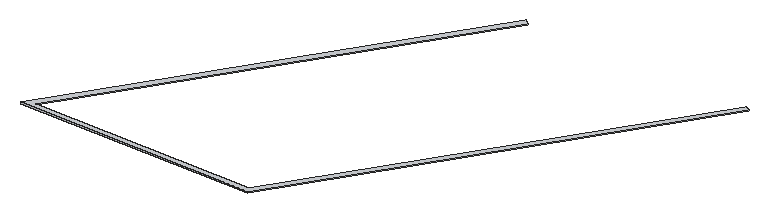
Revit family "Single Angular Parking Stripe", category Generic Models, Revit 2019
Family settings
  Can host rebar = No
  Round Connector Dimension = Use Diameter
  Part Type = Normal
  Work Plane-Based = No
  Always vertical = Yes
  Cut with Voids When Loaded = No
  Shared = No
  Room Calculation Point = No
Parameters (values of type "1st Type")
  lenght of stall = 18' - 0"
  Width of Parking Stripe = 0' - 3"
  Width of Parking = 8' - 0"
  Angle of Parking = 33.00°
Reference planes (in)
  plane 1 "Center (Front/Back)": y = 0
  plane 2: z = 0
  plane 3 "Center (Left/Right)": x = 0
  plane 4: y = 3
Forms (in)
  Extrusion 1, solid
    sketch origin (0, 0, 0) x (1, 0, 0) y (0, 1, 0)
      loop
        line (117.64203, 181.15284) -> (0, 0) -> (118.04397, 0) -> (234.62492, 179.51893) -> (232.10891, 181.15284) -> (116.4151, 3) -> (5.52531, 3) -> (120.15804, 179.51893) -> (117.64203, 181.15284)
    from 0 to 0.47848
Lines and regions (in)
  reference lines
    curve 1: line (0, 0, 0) -> (117.64203, 181.15284, 0)
    curve 2: line (2.51601, -1.63392, 0) -> (120.15804, 179.51893, 0)
    curve 3: line (118.04397, 0, 0) -> (234.62492, 179.51893, 0)
    curve 4: line (114.46688, 0, 0) -> (232.10891, 181.15284, 0)
    curve 5: line (117.64203, 181.15284, 0) -> (120.15804, 179.51893, 0)
    curve 6: line (232.10891, 181.15284, 0) -> (234.62492, 179.51893, 0)
    curve 7: line (0, 0, 0) -> (118.04397, 0, 0)
Dimensions and locks (in)
  "Width of Parking Stripe": curve 2 to curve 1
  "Width of Parking Stripe": plane 4 to plane 1 "Center (Front/Back)"
  "Width of Parking Stripe": curve 3 to curve 4
  "lenght of stall": curve 1 to curve 5
  "Width of Parking": curve 4 to curve 1
  "lenght of stall": curve 4 to curve 6
  "Angle of Parking": angle curve 1 to plane 3 "Center (Left/Right)"
  aligned and locked: plane 2 to level
  aligned and locked: Extrusion 1 sketch curve to curve 1
  aligned and locked: curve 2 to Extrusion 1 sketch curve
  aligned and locked: plane 1 "Center (Front/Back)" to Extrusion 1 sketch curve
  aligned and locked: plane 4 to Extrusion 1 sketch curve
  aligned and locked: Extrusion 1 sketch curve to curve 3
  aligned and locked: Extrusion 1 sketch curve to curve 4
  aligned and locked: Extrusion 1 sketch curve to curve 5
  aligned and locked: Extrusion 1 sketch curve to curve 6
  aligned and locked: plane 1 "Center (Front/Back)" to curve 7
Automatic sketch dimensions
  curve 7 to plane 3 "Center (Left/Right)" = 0' - 0"
  plane 1 "Center (Front/Back)" to curve 2 = 0' - 1.63392"
